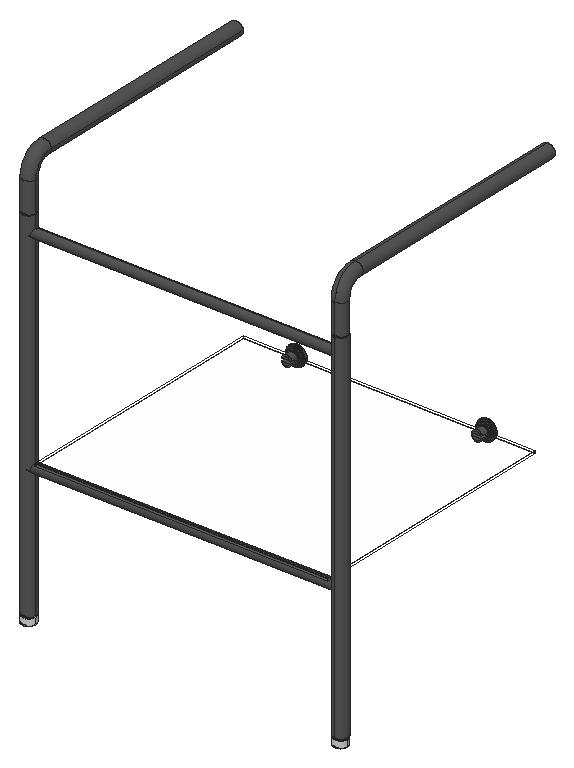
Revit family "Furniture-Console_Table_Legs-KALLISTA-One-P46010-1", category Specialty Equipment, host Face, Revit 2022
Family settings
  Host = Face
  Round Connector Dimension = Use Diameter
  Part Type = Normal
  OmniClass Number = 23.21.19.15
  Cut with Voids When Loaded = No
  Maintain Annotation Orientation = No
  Shared = No
  Room Calculation Point = No
Parameters (values of type "BL-Matte Black")
  Width = 25.68504"
  WaterSense Certified = 1 = 0  # no
  URL = "https://www.kallista.com/"
  Type = 1
  Product Page URL = "https://www.kallista.com/products/luxury-bathroom/console-tables/legs/one-console-table-legs-p46010-00"
  Product Name = "One"  # constant formula
  Product Documentation Link = "https://techcomm.kohler.com/techcomm/pdf/P46010-00_spec_US-CA_Kallista_en.pdf"
  Model = if(Type = 1, "P46010-00-BL", if(Type = 2, "P46010-00-BN", if(Type = 3, "P46010-00-CP", if(Type = 4, "P46010-00-SN", if(Type = 5, "P46010-00-ULB", if(Type = 6, "P46010-00-BV", "NA"))))))  # "P46010-00-BL"
  Material = "Primium Metal Construction"  # constant formula
  Master Format 2014 Name = "Cabinet and Drawer Hardware"  # constant formula
  Master Format 2014 = "06 41 93"  # constant formula
  Manufacturer Address = "444 Highland Dr, Kohler, WI 53044"  # constant formula
  Manufacturer = "Kallista Co."  # constant formula
  Length = 21.36614"
  Height = 34.99835"
  Finish = Kallista-Metal-BL-Matte_Black
  Environmental Product Declaration = ""
  Description = "Console Table Legs"  # constant formula
  Default Elevation = 48"
  Declare Label = ""
  Date Modified = "05/22/2025"  # constant formula
  Date Created = "05/22/2025"  # constant formula
  Copyright = "Copyright Kallista  Co."  # constant formula
  Contact Us = "https://www.kallista.com/corporate/contact-us/"
  Assembly Code = "E20"
  ADA Compliant = 1 = 0  # no
Types (7): name | Type | Product Page URL | Model | Finish
  (no name) | 1 | "https://www.kallista.com/products/luxury-bathroom/console-tables/legs/one-console-table-legs-p46010-00" | "P46010-00-BL" | Kallista-Metal-BL-Matte_Black
  BL-Matte Black | 1 | "https://www.kallista.com/products/luxury-bathroom/console-tables/legs/one-console-table-legs-p46010-00" | "P46010-00-BL" | Kallista-Metal-BL-Matte_Black
  BN-Brushed Nickel | 2 | "" | "P46010-00-BN" | Kallista-Metal-BN-Brushed_Nickel
  CP-Chrome | 3 | "" | "P46010-00-CP" | Kallista-Metal-CP-Chrome
  SN-Polished Nickel | 4 | "" | "P46010-00-SN" | Kallista-Metal-SN-Polished_Nickel
  ULB-Unlaquered Brass | 5 | "" | "P46010-00-ULB" | Kallista-Metal-ULB-Unlaquered_Brass
  BV-Brushed Bronze | 6 | "" | "P46010-00-BV" | Kallista-Metal-BV-Brushed_Bronze
Reference planes (in)
  plane 1 "Center (Front/Back)": y = 0
  plane 2: z = 0
  plane 3 "Center (Left/Right)": x = 0
  plane 4: y = -21.93014
  plane 5: x = -13.03937
  plane 6: x = 12.64567
  plane 7: z = 34.99835
  plane 8: z = 12.11811
  plane 9: y = -21.36614
Dimensions and locks (in)
  plane 4 to plane 1 "Center (Front/Back)" = 21.93014"
  "Width": plane 5 to plane 6
  plane 7 to level = 34.99835"
  plane 5 to plane 6 = 25.68504"
  level to plane 8 = 12.11811"
  "Height": plane 7 to level
  plane 1 "Center (Front/Back)" to plane 4 = 21.93014"
  plane 1 "Center (Front/Back)" to plane 9 = 21.36614"
  "Length": plane 9 to plane 1 "Center (Front/Back)"
  aligned and locked: plane 2 to host face
  aligned and locked: level to host face
  aligned and locked: plane 1 "Center (Front/Back)" to nested 1
  aligned and locked: plane 3 "Center (Left/Right)" to nested 1
Automatic sketch dimensions
  host sketch curve to host sketch curve = 96"  (x2)
Nested families (in)
  nested 1: "P46010" at (0, 0, 0), type "P46010"
Definition of nested family "P46010"
  Parameters
    Material = none
    Default Elevation = 0"
  Reference planes (in)
    plane 1 "Center (Front/Back)": y = 0
    plane 2: z = 0
    plane 3 "Center (Left/Right)": x = 0
    plane 4: z = 32.18504
    plane 5: z = 12.11811
    plane 6: x = 12.64567
    plane 7: x = -13.03937
    plane 8: x = 7.69488
    plane 9: x = -7.99016
    plane 10: y = -21.93014
    plane 11: y = -21.36614
    plane 12: z = 34.99835
  Forms (in)
    Sweep 1, solid, material <- "Material", detail levels medium+fine
      path origin (0, 0, 0) x (0, 1, 0) y (0, 0, 1)
        loop
          line (0.00221, 34.43504) -> (-19.79134, 34.43504)
          arc (-19.79134, 34.43504) -> (-20.90489, 33.97379) -> (-21.36614, 32.86024) r 1.5748
          line (-21.36614, 32.86024) -> (-21.36614, 30.37579)
      profile origin (0, -21.36614, 31.61801) x (1, 0, 0) y (0, 1, 0)
        loop
          circle (12.67224, 0.01403) r 0.56043
    Sweep 2, solid, material <- "Material", detail levels medium+fine
      path origin (-0.31988, 0, 0) x (0, 1, 0) y (0, 0, -1)
        loop
          line (0.00221, -34.43504) -> (-19.79134, -34.43504)
          arc (-19.79134, -34.43504) -> (-20.90489, -33.97379) -> (-21.36614, -32.86024) r 1.5748
          line (-21.36614, -32.86024) -> (-21.36614, -30.37597)
      profile origin (-0.31988, -21.36614, 31.6181) x (-1, 0, 0) y (0, -1, 0)
        loop
          circle (12.6795, -0.00787) r 0.56631
    Revolve 3, solid, detail levels medium+fine
      sketch origin (0, -21.35827, 0) x (1, 0, 0) y (0, 0, 1)
        loop
          line (-13.00246, 0.69739) -> (-13.56581, 0.69739)
          arc (-13.56581, 0.69739) -> (-13.56615, 0.665) -> (-13.54485, 0.6406) r 0.04548
          arc (-13.54485, 0.6406) -> (-13.5364, 0.62823) -> (-13.54175, 0.61424) r 0.01614
          arc (-13.54175, 0.61424) -> (-13.55957, 0.59009) -> (-13.56589, 0.56075) r 0.07134
          line (-13.56589, 0.56075) -> (-13.56589, 0.04)
          arc (-13.56589, 0.04) -> (-13.55417, 0.01172) -> (-13.52589, 0) r 0.04
          line (-13.52589, 0) -> (-13.00246, 0) -> (-13.00246, 0.69739)
        axis (-13.00246, 0) -> (-13.00246, 0.69739)
      angle from 0 to 360
    Revolve 4, solid, detail levels medium+fine
      sketch origin (-0.3937, -21.35827, 0) x (-1, 0, 0) y (0, 0, -1)
        loop
          line (-13.07936, -0.69739) -> (-13.07936, 0) -> (-13.59971, 0)
          arc (-13.59971, 0) -> (-13.62799, -0.01172) -> (-13.63971, -0.04) r 0.04
          line (-13.63971, -0.04) -> (-13.63971, -0.56075)
          arc (-13.63971, -0.56075) -> (-13.63339, -0.59009) -> (-13.61557, -0.61424) r 0.07134
          arc (-13.61557, -0.61424) -> (-13.61022, -0.62823) -> (-13.61867, -0.6406) r 0.01614
          arc (-13.61867, -0.6406) -> (-13.63997, -0.665) -> (-13.63963, -0.69739) r 0.04548
          line (-13.63963, -0.69739) -> (-13.07936, -0.69739)
        axis (-13.07936, 0) -> (-13.07936, -0.69739)
      angle from 0 to 360
    Sweep 5, solid, material <- "Material"
      path origin (0, 0, 0) x (1, 0, 0) y (0, 0, 1)
        loop
          line (-12.76245, 28.93264) -> (12.63125, 28.93264)
      profile origin (-0.0656, 0, 28.93264) x (0, 0, 1) y (0, -1, 0)
        loop
          circle (0.00515, 21.36805) r 0.37402
    Sweep 6, solid, material <- "Material"
      path origin (0, 0, 40.54396) x (1, 0, 0) y (0, 0, 1)
        loop
          line (-12.9593, -28.93264) -> (12.63125, -28.93264)
      profile origin (-0.16403, 0, 11.61132) x (0, 0, 1) y (0, -1, 0)
        loop
          circle (-0.00515, 21.36805) r 0.37402
    Extrusion 7, solid
      sketch origin (0, 0, 0) x (1, 0, 0) y (0, 1, 0)
        loop
          line (12.065, -0.43478) -> (-12.065, -0.43478) -> (-12.065, -21.87478) -> (12.065, -21.87478) -> (12.065, -0.43478)
      from 12.00881 to 12.23481
    Revolve 8, solid, material <- "Material", detail levels medium+fine
      sketch origin (0, 0, 12.1063) x (1, 0, 0) y (0, 1, 0)
        loop
          line (-7.99016, 0) -> (-8.7674, 0)
          arc (-8.7674, 0) -> (-8.78154, -0.00586) -> (-8.7874, -0.02) r 0.02
          line (-8.7874, -0.02) -> (-8.7874, -0.17802)
          arc (-8.7874, -0.17802) -> (-8.78147, -0.19233) -> (-8.76716, -0.19826) r 0.02024
          line (-8.76716, -0.19826) -> (-8.64373, -0.19826)
          arc (-8.64373, -0.19826) -> (-8.60613, -0.21384) -> (-8.59055, -0.25144) r 0.05318
          line (-8.59055, -0.25144) -> (-8.59055, -0.37511)
          arc (-8.59055, -0.37511) -> (-8.58469, -0.38926) -> (-8.57055, -0.39511) r 0.02
          line (-8.57055, -0.39511) -> (-8.4597, -0.39511) -> (-8.4597, -0.43358)
          arc (-8.4597, -0.43358) -> (-8.45397, -0.44742) -> (-8.44013, -0.45315) r 0.01957
          line (-8.44013, -0.45315) -> (-8.40868, -0.45315) -> (-8.40868, -1.05226)
          arc (-8.40868, -1.05226) -> (-8.3928, -1.0906) -> (-8.35446, -1.10648) r 0.05422
          line (-8.35446, -1.10648) -> (-7.99016, -1.10648) -> (-7.99016, 0)
        axis (-7.99016, 0) -> (-7.99016, -1.10648)
      angle from 0 to 360
    Revolve 9, solid, material <- "Material", detail levels medium+fine
      sketch origin (-0.29807, 0, 12.1063) x (-1, 0, 0) y (0, -1, 0)
        loop
          line (-7.99016, 0) -> (-7.99016, 1.10648) -> (-8.35836, 1.10648)
          arc (-8.35836, 1.10648) -> (-8.39394, 1.09174) -> (-8.40868, 1.05616) r 0.05032
          line (-8.40868, 1.05616) -> (-8.40868, 0.45315) -> (-8.44013, 0.45315)
          arc (-8.44013, 0.45315) -> (-8.45397, 0.44742) -> (-8.4597, 0.43358) r 0.01957
          line (-8.4597, 0.43358) -> (-8.4597, 0.39511) -> (-8.57055, 0.39511)
          arc (-8.57055, 0.39511) -> (-8.58469, 0.38926) -> (-8.59055, 0.37511) r 0.02
          line (-8.59055, 0.37511) -> (-8.59055, 0.25144)
          arc (-8.59055, 0.25144) -> (-8.60613, 0.21384) -> (-8.64373, 0.19826) r 0.05318
          line (-8.64373, 0.19826) -> (-8.76716, 0.19826)
          arc (-8.76716, 0.19826) -> (-8.78147, 0.19233) -> (-8.7874, 0.17802) r 0.02024
          line (-8.7874, 0.17802) -> (-8.7874, 0.02)
          arc (-8.7874, 0.02) -> (-8.78154, 0.00586) -> (-8.7674, 0) r 0.02
          line (-8.7674, 0) -> (-7.99016, 0)
        axis (-7.99016, 0) -> (-7.99016, 1.10648)
      angle from 0 to 360
    Revolve 10, solid, material <- "Material", detail levels medium+fine
      sketch origin (0, -21.35827, 0.02461) x (1, 0, 0) y (0, 0, 1)
        loop
          line (-12.99938, 30.35136) -> (-13.56567, 30.35136)
          arc (-13.56567, 30.35136) -> (-13.55372, 30.32469) -> (-13.52662, 30.31374) r 0.03912
          arc (-13.52662, 30.31374) -> (-13.55436, 30.30114) -> (-13.5657, 30.27286) r 0.04092
          line (-13.5657, 30.27286) -> (-13.5657, 0.67278) -> (-12.99938, 0.67278) -> (-12.99938, 30.35136)
        axis (-12.99938, 0.67278) -> (-12.99938, 30.35136)
      angle from 0 to 360
    Revolve 11, solid, material <- "Material", detail levels medium+fine
      sketch origin (12.67224, 0.01384, 0) x (0, 1, 0) y (0, 0, 1)
        loop
          line (-21.36768, 30.37579) -> (-21.36768, 0.69739) -> (-20.79747, 0.69739) -> (-20.79747, 30.27901)
          arc (-20.79747, 30.27901) -> (-20.80945, 30.30792) -> (-20.83836, 30.3199) r 0.04088
          arc (-20.83836, 30.3199) -> (-20.80601, 30.33848) -> (-20.80578, 30.37579) r 0.03744
          line (-20.80578, 30.37579) -> (-21.36768, 30.37579)
        axis (-21.36768, 0.69739) -> (-21.36768, 30.37579)
      angle from 0 to 360
    Sweep 12, solid, material <- "Material", detail levels coarse
      path origin (0, 0, 0) x (0, 1, 0) y (0, 0, 1)
        loop
          line (0.00221, 34.42717) -> (-19.39764, 34.42717)
          arc (-19.39764, 34.42717) -> (-20.78958, 33.8506) -> (-21.36614, 32.45866) r 1.9685
          line (-21.36614, 32.45866) -> (-21.36614, 0)
      profile origin (0, -21.36614, 16.22933) x (1, 0, 0) y (0, 1, 0)
        loop
          circle (-12.99938, 0.00787) r 0.56247
    Sweep 13, solid, material <- "Material", detail levels coarse
      path origin (-0.34449, 0, 0) x (0, 1, 0) y (0, 0, -1)
        loop
          line (0.00221, -34.42717) -> (-19.39764, -34.42717)
          arc (-19.39764, -34.42717) -> (-20.78958, -33.8506) -> (-21.36614, -32.45866) r 1.9685
          line (-21.36614, -32.45866) -> (-21.36614, 0)
      profile origin (-0.34449, -21.36614, 16.22933) x (-1, 0, 0) y (0, -1, 0)
        loop
          circle (-12.99938, -0.00787) r 0.56247
    Revolve 14, solid, material <- "Material", detail levels coarse
      sketch origin (0, 0, 12.1063) x (1, 0, 0) y (0, 1, 0)
        loop
          line (7.69209, -0.0008) -> (7.69209, -1.10728) -> (8.48933, -1.10728) -> (8.48933, -0.0208)
          arc (8.48933, -0.0208) -> (8.48347, -0.00666) -> (8.46933, -0.0008) r 0.02
          line (8.46933, -0.0008) -> (7.69209, -0.0008)
        axis (7.69209, -0.0008) -> (7.69209, -1.10728)
      angle from 0 to 360
    Revolve 15, solid, material <- "Material", detail levels coarse
      sketch origin (-0.29528, 0, 12.1063) x (-1, 0, 0) y (0, -1, 0)
        loop
          line (7.69209, 0.0008) -> (8.46933, 0.0008)
          arc (8.46933, 0.0008) -> (8.48347, 0.00666) -> (8.48933, 0.0208) r 0.02
          line (8.48933, 0.0208) -> (8.48933, 1.10728) -> (7.69209, 1.10728) -> (7.69209, 0.0008)
        axis (7.69209, 0.0008) -> (7.69209, 1.10728)
      angle from 0 to 360
    Extrusion 16, void
      sketch origin (0, 0, 0) x (0, 1, 0) y (0, 0, 1)
        loop
          line (-0.48438, 12.23481) -> (-1.14982, 12.23481) -> (-1.14982, 12.00881) -> (-0.48438, 12.00881) -> (-0.48438, 12.23481)
      from -9.57732 to 8.73458
  Cuts and joins
    Extrusion 16 cuts Revolve 8
    Extrusion 16 cuts Revolve 9
    Extrusion 16 cuts Revolve 15
    Extrusion 16 cuts Revolve 14
  Lines and regions (in)
    Masking region 1
      outline origin (0, 0, 0) x (0, 1, 0) y (0, 0, 1)
        loop
          arc (-19.37108, 34.99754) -> (-21.18061, 34.24801) -> (-21.93014, 32.43848) r 2.55906
          line (-21.93014, 32.43848) -> (-21.93014, 30.3525)
          arc (-21.93014, 30.3525) -> (-21.91842, 30.32422) -> (-21.89014, 30.3125) r 0.04
          arc (-21.89014, 30.3125) -> (-21.91842, 30.30078) -> (-21.93014, 30.2725) r 0.04
          line (-21.93014, 30.2725) -> (-21.93014, 0.685)
          arc (-21.93014, 0.685) -> (-21.92621, 0.66364) -> (-21.91494, 0.64508) r 0.06
          arc (-21.91494, 0.64508) -> (-21.90729, 0.625) -> (-21.91494, 0.60492) r 0.03019
          arc (-21.91494, 0.60492) -> (-21.92621, 0.58636) -> (-21.93014, 0.565) r 0.06
          line (-21.93014, 0.565) -> (-21.93014, 0.04)
          arc (-21.93014, 0.04) -> (-21.91842, 0.01172) -> (-21.89014, 0) r 0.04
          line (-21.89014, 0) -> (-20.84903, 0)
          arc (-20.84903, 0) -> (-20.82075, 0.01172) -> (-20.80903, 0.04) r 0.04
          line (-20.80903, 0.04) -> (-20.80903, 0.565)
          arc (-20.80903, 0.565) -> (-20.81281, 0.58594) -> (-20.82365, 0.60424) r 0.06
          arc (-20.82365, 0.60424) -> (-20.83138, 0.625) -> (-20.82365, 0.64576) r 0.03174
          arc (-20.82365, 0.64576) -> (-20.81281, 0.66406) -> (-20.80903, 0.685) r 0.06
          line (-20.80903, 0.685) -> (-20.80903, 12.00852) -> (-0.43557, 12.00852) -> (-0.43557, 11.97749) -> (-1.0771, 11.97749)
          arc (-1.0771, 11.97749) -> (-1.09557, 11.96984) -> (-1.10323, 11.95136) r 0.02613
          line (-1.10323, 11.95136) -> (-1.10323, 11.70333)
          arc (-1.10323, 11.70333) -> (-1.09737, 11.68919) -> (-1.08323, 11.68333) r 0.02
          line (-1.08323, 11.68333) -> (-0.9823, 11.68333)
          arc (-0.9823, 11.68333) -> (-0.80515, 11.72122) -> (-0.628, 11.68333) r 0.43307
          line (-0.628, 11.68333) -> (-0.39149, 11.68333) -> (-0.39149, 11.54585)
          arc (-0.39149, 11.54585) -> (-0.38563, 11.53171) -> (-0.37149, 11.52585) r 0.02
          line (-0.37149, 11.52585) -> (-0.21464, 11.52585)
          arc (-0.21464, 11.52585) -> (-0.2005, 11.52) -> (-0.19464, 11.50585) r 0.02
          line (-0.19464, 11.50585) -> (-0.19464, 11.349)
          arc (-0.19464, 11.349) -> (-0.18878, 11.33486) -> (-0.17464, 11.329) r 0.02
          line (-0.17464, 11.329) -> (-0.02, 11.329)
          arc (-0.02, 11.329) -> (-0.00586, 11.33486) -> (0, 11.349) r 0.02
          line (0, 11.349) -> (0, 12.88381)
          arc (0, 12.88381) -> (-0.00586, 12.89795) -> (-0.02, 12.90381) r 0.02
          line (-0.02, 12.90381) -> (-0.17464, 12.90381)
          arc (-0.17464, 12.90381) -> (-0.18878, 12.89795) -> (-0.19464, 12.88381) r 0.02
          line (-0.19464, 12.88381) -> (-0.19464, 12.72696)
          arc (-0.19464, 12.72696) -> (-0.2005, 12.71281) -> (-0.21464, 12.70696) r 0.02
          line (-0.21464, 12.70696) -> (-0.37149, 12.70696)
          arc (-0.37149, 12.70696) -> (-0.38563, 12.7011) -> (-0.39149, 12.68696) r 0.02
          line (-0.39149, 12.68696) -> (-0.39149, 12.54948) -> (-1.08015, 12.54948)
          arc (-1.08015, 12.54948) -> (-1.09429, 12.54362) -> (-1.10015, 12.52948) r 0.02
          line (-1.10015, 12.52948) -> (-1.10015, 12.25452)
          arc (-1.10015, 12.25452) -> (-1.09412, 12.24054) -> (-1.08015, 12.23452) r 0.02061
          line (-1.08015, 12.23452) -> (-20.80192, 12.23452) -> (-20.80192, 30.2725)
          arc (-20.80192, 30.2725) -> (-20.81364, 30.30078) -> (-20.84192, 30.3125) r 0.04
          arc (-20.84192, 30.3125) -> (-20.81364, 30.32422) -> (-20.80192, 30.3525) r 0.04
          line (-20.80192, 30.3525) -> (-20.80192, 32.43848)
          arc (-20.80192, 32.43848) -> (-20.3819, 33.45251) -> (-19.36787, 33.87254) r 1.43406
          line (-19.36787, 33.87254) -> (-0.04, 33.87254)
          arc (-0.04, 33.87254) -> (-0.01172, 33.88426) -> (0, 33.91254) r 0.04
          line (0, 33.91254) -> (0, 34.95754)
          arc (0, 34.95754) -> (-0.01172, 34.98582) -> (-0.04, 34.99754) r 0.04
          line (-0.04, 34.99754) -> (-19.37108, 34.99754)
    Masking region 2
      outline origin (0, 0, 0) x (1, 0, 0) y (0, 0, 1)
        loop
          arc (-12.45311, 34.43079) -> (-13.01561, 34.99329) -> (-13.57811, 34.43079) r 0.5625
          line (-13.57811, 34.43079) -> (-13.57811, 30.34825)
          arc (-13.57811, 30.34825) -> (-13.56194, 30.31607) -> (-13.52644, 30.31003) r 0.03989
          arc (-13.52644, 30.31003) -> (-13.5543, 30.29632) -> (-13.56581, 30.26825) r 0.04
          line (-13.56581, 30.26825) -> (-13.56581, 0.69739)
          arc (-13.56581, 0.69739) -> (-13.56615, 0.665) -> (-13.54485, 0.6406) r 0.04548
          arc (-13.54485, 0.6406) -> (-13.5364, 0.62823) -> (-13.54175, 0.61424) r 0.01614
          arc (-13.54175, 0.61424) -> (-13.55957, 0.59009) -> (-13.56589, 0.56075) r 0.07134
          line (-13.56589, 0.56075) -> (-13.56589, 0.04)
          arc (-13.56589, 0.04) -> (-13.55417, 0.01172) -> (-13.52589, 0) r 0.04
          line (-13.52589, 0) -> (-12.48243, 0)
          arc (-12.48243, 0) -> (-12.45414, 0.01172) -> (-12.44243, 0.04) r 0.04
          line (-12.44243, 0.04) -> (-12.44243, 0.56075)
          arc (-12.44243, 0.56075) -> (-12.44635, 0.58366) -> (-12.45768, 0.60397) r 0.06886
          arc (-12.45768, 0.60397) -> (-12.46363, 0.62085) -> (-12.45765, 0.63773) r 0.02686
          arc (-12.45765, 0.63773) -> (-12.44295, 0.65704) -> (-12.43773, 0.68075) r 0.05642
          line (-12.43773, 0.68075) -> (-12.43773, 11.25623) -> (-12.02007, 11.25623)
          arc (-12.02007, 11.25623) -> (-11.92162, 11.27213) -> (-11.82317, 11.25623) r 0.31283
          line (-11.82317, 11.25623) -> (11.47868, 11.25623)
          arc (11.47868, 11.25623) -> (11.57713, 11.27213) -> (11.67558, 11.25623) r 0.31283
          line (11.67558, 11.25623) -> (12.12254, 11.25623) -> (12.12254, 0.68075)
          arc (12.12254, 0.68075) -> (12.1286, 0.65709) -> (12.14529, 0.63926) r 0.04921
          arc (12.14529, 0.63926) -> (12.15333, 0.62562) -> (12.14705, 0.61109) r 0.01747
          arc (12.14705, 0.61109) -> (12.12985, 0.58886) -> (12.12373, 0.56143) r 0.06452
          line (12.12373, 0.56143) -> (12.12373, 0.04068)
          arc (12.12373, 0.04068) -> (12.13545, 0.0124) -> (12.16373, 0.00068) r 0.04
          line (12.16373, 0.00068) -> (13.20719, 0.00068)
          arc (13.20719, 0.00068) -> (13.23548, 0.0124) -> (13.24719, 0.04068) r 0.04
          line (13.24719, 0.04068) -> (13.24719, 0.57792)
          arc (13.24719, 0.57792) -> (13.2428, 0.59578) -> (13.23062, 0.60955) r 0.03847
          arc (13.23062, 0.60955) -> (13.2228, 0.62368) -> (13.22928, 0.63847) r 0.0182
          arc (13.22928, 0.63847) -> (13.24389, 0.65749) -> (13.24908, 0.6809) r 0.05538
          line (13.24908, 0.6809) -> (13.24908, 30.26825)
          arc (13.24908, 30.26825) -> (13.23729, 30.29653) -> (13.209, 30.30825) r 0.04
          arc (13.209, 30.30825) -> (13.23724, 30.31986) -> (13.249, 30.34803) r 0.03989
          line (13.249, 30.34803) -> (13.249, 34.43079)
          arc (13.249, 34.43079) -> (12.68497, 34.99482) -> (12.12093, 34.43079) r 0.56404
          line (12.12093, 34.43079) -> (12.12093, 30.34824)
          arc (12.12093, 30.34824) -> (12.13264, 30.31996) -> (12.16092, 30.30825) r 0.03999
          arc (12.16092, 30.30825) -> (12.13264, 30.29653) -> (12.12093, 30.26825) r 0.04
          line (12.12093, 30.26825) -> (12.12093, 29.30726) -> (-12.45311, 29.30726) -> (-12.45311, 30.26825)
          arc (-12.45311, 30.26825) -> (-12.46483, 30.29653) -> (-12.49311, 30.30825) r 0.04
          arc (-12.49311, 30.30825) -> (-12.46483, 30.31996) -> (-12.45311, 30.34824) r 0.03999
          line (-12.45311, 30.34824) -> (-12.45311, 34.43079)
        loop
          line (-7.23712, 12.23026) -> (6.89263, 12.23026)
          arc (6.89263, 12.23026) -> (7.67112, 12.89955) -> (8.44962, 12.23026) r 0.7874
          line (8.44962, 12.23026) -> (12.04939, 12.23026) -> (12.04939, 12.00426) -> (12.10862, 12.00426) -> (12.10862, 28.55923) -> (-12.45311, 28.55923) -> (-12.45311, 12.00426) -> (-12.08061, 12.00426) -> (-12.08061, 12.23026) -> (-8.79411, 12.23026)
          arc (-8.79411, 12.23026) -> (-8.01561, 12.89955) -> (-7.23712, 12.23026) r 0.7874
    Masking region 3
      outline origin (0, 0, 0) x (1, 0, 0) y (0, 1, 0)
        loop
          arc (-7.2326, -0.00141) -> (-7.21888, -0.00769) -> (-7.2126, -0.02141) r 0.02165
          line (-7.2126, -0.02141) -> (-7.2126, -0.17826)
          arc (-7.2126, -0.17826) -> (-7.21846, -0.19241) -> (-7.2326, -0.19826) r 0.02
          line (-7.2326, -0.19826) -> (-7.38945, -0.19826)
          arc (-7.38945, -0.19826) -> (-7.40359, -0.20412) -> (-7.40945, -0.21826) r 0.02
          line (-7.40945, -0.21826) -> (-7.40945, -0.37509)
          arc (-7.40945, -0.37509) -> (-7.41531, -0.38925) -> (-7.42947, -0.39511) r 0.02002
          line (-7.42947, -0.39511) -> (-7.56841, -0.39511)
          arc (-7.56841, -0.39511) -> (-7.56795, -0.42147) -> (-7.5907, -0.43478) r 0.0261
          line (-7.5907, -0.43478) -> (7.27536, -0.43478)
          arc (7.27536, -0.43478) -> (7.25872, -0.41837) -> (7.25646, -0.39511) r 0.03429
          line (7.25646, -0.39511) -> (7.11621, -0.39511)
          arc (7.11621, -0.39511) -> (7.10205, -0.38925) -> (7.09619, -0.37509) r 0.02002
          line (7.09619, -0.37509) -> (7.09619, -0.21826)
          arc (7.09619, -0.21826) -> (7.09033, -0.20412) -> (7.07619, -0.19826) r 0.02
          line (7.07619, -0.19826) -> (6.91934, -0.19826)
          arc (6.91934, -0.19826) -> (6.90519, -0.19241) -> (6.89934, -0.17826) r 0.02
          line (6.89934, -0.17826) -> (6.89934, -0.02141)
          arc (6.89934, -0.02141) -> (6.90562, -0.00769) -> (6.91934, -0.00141) r 0.02165
          line (6.91934, -0.00141) -> (8.45414, 0)
          arc (8.45414, 0) -> (8.46828, -0.00586) -> (8.47414, -0.02) r 0.02
          line (8.47414, -0.02) -> (8.47414, -0.17826)
          arc (8.47414, -0.17826) -> (8.46832, -0.19245) -> (8.45413, -0.19826) r 0.01987
          line (8.45413, -0.19826) -> (8.29729, -0.19826)
          arc (8.29729, -0.19826) -> (8.28315, -0.20412) -> (8.27729, -0.21826) r 0.02
          line (8.27729, -0.21826) -> (8.27729, -0.37511)
          arc (8.27729, -0.37511) -> (8.27143, -0.38926) -> (8.25729, -0.39511) r 0.02
          line (8.25729, -0.39511) -> (8.11702, -0.39511)
          arc (8.11702, -0.39511) -> (8.11425, -0.41938) -> (8.09604, -0.43565) r 0.03429
          line (8.09604, -0.43565) -> (12.12424, -0.43565) -> (12.12424, -0.04)
          arc (12.12424, -0.04) -> (12.13595, -0.01172) -> (12.16424, 0) r 0.04
          line (12.16424, 0) -> (13.20924, 0)
          arc (13.20924, 0) -> (13.23752, -0.01172) -> (13.24924, -0.04) r 0.04
          line (13.24924, -0.04) -> (13.24924, -21.36805)
          arc (13.24924, -21.36805) -> (12.88683, -21.89375) -> (12.2666, -21.74206) r 0.5625
          line (12.2666, -21.74206) -> (12.065, -21.74206) -> (12.065, -21.87478) -> (-12.065, -21.87478) -> (-12.065, -21.74206) -> (-12.57986, -21.74206)
          arc (-12.57986, -21.74206) -> (-13.2001, -21.89375) -> (-13.5625, -21.36805) r 0.5625
          line (-13.5625, -21.36805) -> (-13.5625, -0.04141)
          arc (-13.5625, -0.04141) -> (-13.55078, -0.01313) -> (-13.5225, -0.00141) r 0.04
          line (-13.5225, -0.00141) -> (-12.4775, -0.00141)
          arc (-12.4775, -0.00141) -> (-12.44922, -0.01313) -> (-12.4375, -0.04141) r 0.04
          line (-12.4375, -0.04141) -> (-12.4375, -20.99403) -> (-12.065, -20.99403) -> (-12.065, -0.43478) -> (-8.4093, -0.43478)
          arc (-8.4093, -0.43478) -> (-8.43134, -0.42097) -> (-8.42853, -0.39511) r 0.02449
          line (-8.42853, -0.39511) -> (-8.57055, -0.39511)
          arc (-8.57055, -0.39511) -> (-8.58469, -0.38926) -> (-8.59055, -0.37511) r 0.02
          line (-8.59055, -0.37511) -> (-8.59055, -0.21826)
          arc (-8.59055, -0.21826) -> (-8.59641, -0.20412) -> (-8.61055, -0.19826) r 0.02
          line (-8.61055, -0.19826) -> (-8.76739, -0.19826)
          arc (-8.76739, -0.19826) -> (-8.78158, -0.19245) -> (-8.7874, -0.17826) r 0.01987
          line (-8.7874, -0.17826) -> (-8.7874, -0.01779)
          arc (-8.7874, -0.01779) -> (-8.78154, -0.00365) -> (-8.7674, 0.00221) r 0.02
          line (-8.7674, 0.00221) -> (-7.2326, 0.00221)
    symbolic lines, detail levels medium+fine
      curve 1: line (0, -0.19464, 12.72696) -> (0, -0.19464, 11.50585)
      curve 2: line (0, -0.39149, 12.54948) -> (0, -0.39149, 11.68333)
      curve 3: line (0, -0.9823, 11.68333) -> (0, -0.9823, 11.99817)
      curve 4: line (0, -0.628, 11.68333) -> (0, -0.628, 11.99817)
      curve 5: line (0, -1.08363, 11.99817) -> (0, -1.08363, 11.68334)
      curve 6: line (0, -1.08015, 12.23452) -> (0, -0.39149, 12.23452)
      curve 7: line (0, -1.08015, 12.23452) -> (0, -1.08015, 12.54435)
      curve 8: line (0, -0.01779, 11.329) -> (0, -0.01779, 12.90381)
      curve 9: line (0, -20.80903, 0.685) -> (0, -21.93014, 0.685)
      curve 10: line (0, -20.80903, 0.565) -> (0, -21.93014, 0.565)
      curve 11: line (0, -20.83138, 0.625) -> (0, -21.90729, 0.625)
      curve 12: line (0, -20.80903, 0.04) -> (0, -21.92738, 0.04)
      curve 13: line (0, -0.03779, 33.87254) -> (0, -0.03779, 34.99754)
      curve 14: line (0, -20.84192, 30.3125) -> (0, -21.89014, 30.3125)
      curve 15: line (0, -20.80192, 30.3525) -> (0, -21.93014, 30.3525)
      curve 16: line (0, -20.80192, 30.2725) -> (0, -21.93014, 30.2725)
      curve 17: line (-12.08061, 0, 12.00426) -> (12.10862, 0, 12.00426)
      curve 18: arc (-7.45866, 0, 12.25566) -> (-8.03728, 0, 12.7281) -> (-8.6159, 0, 12.25566) r 0.59055
      curve 19: arc (-7.62913, 0, 12.25774) -> (-8.03728, 0, 12.54602) -> (-8.44543, 0, 12.25774) r 0.43307
      curve 20: arc (-7.64798, 0, 12.23105) -> (-7.63164, 0, 12.23951) -> (-7.62913, 0, 12.25774) r 0.02
      curve 21: arc (-8.44543, 0, 12.25774) -> (-8.44337, 0, 12.23919) -> (-8.42658, 0, 12.23105) r 0.0193
      curve 22: arc (8.22808, 0, 12.25566) -> (7.64946, 0, 12.7281) -> (7.07084, 0, 12.25566) r 0.59055
      curve 23: arc (8.05761, 0, 12.25774) -> (7.64946, 0, 12.54602) -> (7.24131, 0, 12.25774) r 0.43307
      curve 24: arc (7.24131, 0, 12.25774) -> (7.24382, 0, 12.23951) -> (7.26016, 0, 12.23105) r 0.02
      curve 25: arc (8.03876, 0, 12.23105) -> (8.05555, 0, 12.23919) -> (8.05761, 0, 12.25774) r 0.0193
      curve 26: line (6.89263, 0, 12.23026) -> (8.44962, 0, 12.23026)
      curve 27: line (-8.79411, 0, 12.23026) -> (-7.23712, 0, 12.23026)
      curve 28: line (-13.52641, 0, 30.30824) -> (-12.48451, 0, 30.30824)
      curve 29: line (-13.57811, 0, 30.34825) -> (-12.45311, 0, 30.34825)
      curve 30: line (-13.56581, 0, 30.26825) -> (-12.45311, 0, 30.26825)
      curve 31: line (12.16093, 0, 30.30825) -> (13.209, 0, 30.30825)
      curve 32: line (13.249, 0, 30.34803) -> (12.12259, 0, 30.34803)
      curve 33: line (12.12093, 0, 30.26825) -> (13.249, 0, 30.26825)
      curve 34: arc (-12.44192, 0, 29.30666) -> (-12.5656, 0, 28.93264) -> (-12.44192, 0, 28.55863) r 0.62734
      curve 35: arc (-12.44192, 0, 12.00366) -> (-12.55693, 0, 11.62964) -> (-12.44192, 0, 11.25563) r 0.66563
      curve 36: arc (12.11982, 0, 28.55863) -> (12.24351, 0, 28.93264) -> (12.11982, 0, 29.30666) r 0.62734
      curve 37: arc (12.11982, 0, 11.25563) -> (12.23484, 0, 11.62964) -> (12.11982, 0, 12.00366) r 0.66563
      curve 38: line (-12.46363, 0, 0.62085) -> (-13.53725, 0, 0.62085)
      curve 39: line (-13.56581, 0, 0.69739) -> (-12.43773, 0, 0.69739)
      curve 40: line (-12.44243, 0, 0.56075) -> (-13.56589, 0, 0.56075)
      curve 41: line (12.14705, 0, 0.61109) -> (13.22822, 0, 0.61109)
      curve 42: line (12.12254, 0, 0.68075) -> (13.24908, 0, 0.68075)
      curve 43: line (12.12373, 0, 0.56143) -> (13.24719, 0, 0.56143)
      curve 44: line (12.12373, 0, 0.04068) -> (13.24719, 0, 0.04068)
      curve 45: line (-13.56589, 0, 0.04) -> (-12.44243, 0, 0.04)
      curve 46: line (-8.36042, -1.10648, 0) -> (-7.65264, -1.10648, 0)
      curve 47: line (-8.40868, -0.43465, 0) -> (-8.40868, -1.05823, 0)
      curve 48: line (-7.59009, -0.43465, 0) -> (-7.59009, -1.04393, 0)
      curve 49: line (-8.61055, -0.19826, 0) -> (-7.38945, -0.19826, 0)
      curve 50: line (-7.56841, -0.39511, 0) -> (-8.42853, -0.39511, 0)
      curve 51: line (-8.40868, -0.43465, 0) -> (-7.59009, -0.43465, 0)
      curve 52: arc (-8.40868, -1.05823, 0) -> (-8.39455, -1.09235, 0) -> (-8.36042, -1.10648, 0) r 0.04826
      curve 53: arc (-7.65264, -1.10648, 0) -> (-7.60841, -1.08816, 0) -> (-7.59009, -1.04393, 0) r 0.06255
      curve 54: line (-8.40868, -1.05823, 0) -> (-7.62128, -1.05823, 0)
      curve 55: line (-8.7874, -0.02141, 0) -> (-7.2126, -0.02141, 0)
      curve 56: line (8.04669, -1.10648, 0) -> (7.33891, -1.10648, 0)
      curve 57: line (8.09495, -0.43465, 0) -> (8.09495, -1.05823, 0)
      curve 58: line (7.27636, -0.43465, 0) -> (7.27636, -1.04393, 0)
      curve 59: arc (8.09495, -1.05823, 0) -> (8.08082, -1.09235, 0) -> (8.04669, -1.10648, 0) r 0.04826
      curve 60: arc (7.33891, -1.10648, 0) -> (7.29468, -1.08816, 0) -> (7.27636, -1.04393, 0) r 0.06255
      curve 61: line (8.09495, -1.05823, 0) -> (7.27801, -1.05823, 0)
      curve 62: line (7.07619, -0.19826, 0) -> (8.29729, -0.19826, 0)
      curve 63: line (7.25646, -0.39511, 0) -> (8.11957, -0.39511, 0)
      curve 64: line (7.27636, -0.43465, 0) -> (8.09495, -0.43465, 0)
      curve 65: line (6.89934, -0.02141, 0) -> (8.47414, -0.02141, 0)
      curve 66: line (12.12424, -0.04141, 0) -> (13.24924, -0.04141, 0)
      curve 67: line (12.12424, -0.43565, 0) -> (12.12424, -21.10494, 0)
      curve 68: line (12.12424, -21.10494, 0) -> (-12.4375, -21.10494, 0)
      curve 69: line (-12.4375, -20.99403, 0) -> (-12.4375, -21.10494, 0)
      curve 70: line (-12.4375, -21.10494, 0) -> (-12.4375, -21.36805, 0)
      curve 71: arc (-12.58382, -21.74206, 0) -> (-12.47538, -21.56886, 0) -> (-12.4375, -21.36805, 0) r 0.55118
      curve 72: arc (12.12424, -21.36805, 0) -> (12.16212, -21.56886, 0) -> (12.27056, -21.74206, 0) r 0.55118
      curve 73: line (12.12424, -21.10494, 0) -> (12.12424, -21.36805, 0)
      curve 74: line (-12.065, -21.74206, 0) -> (12.065, -21.74206, 0)
      curve 75: line (-13.5625, -0.04141, 0) -> (-12.4375, -0.04141, 0)
  Dimensions and locks (in)
    aligned and locked: plane 2 to level
